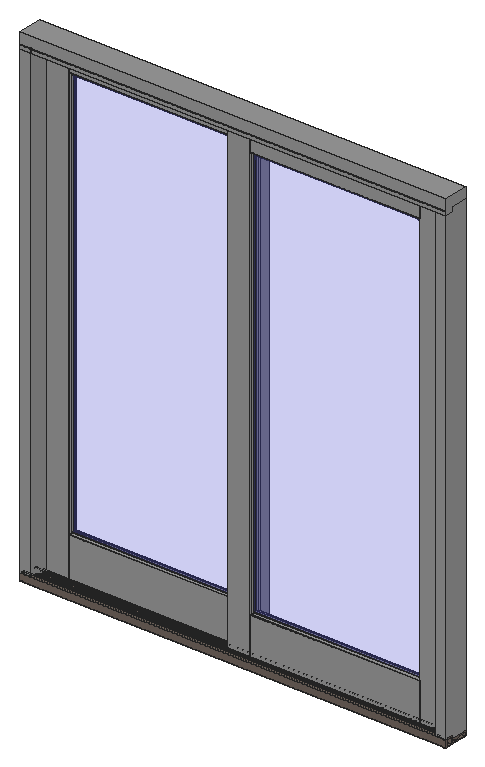
Revit family "VSDA1.8 LH", category Doors, host Wall, Revit 2015
Parameters (values of type "VSDA1.8 LH")
  Function = Interior
  Frame Projection Ext. = 25 mm
  Frame Projection Int. = 25 mm
  Frame Width = 75 mm
  Height = 2100 mm
  Wall Closure = By host
  Width = 1820 mm
Reference planes
  plane 1: y = 0
  plane 2 "Center (Left/Right)": x = 0
  plane 3 "Left": x = -910
  plane 4 "Right": x = 910
  plane 5: z = 2100
  plane 6 "Exterior": y = 75
  plane 7 "Interior": y = -75
Forms (mm)
  Extrusion 1, solid, material "Aluminium Cill (Bronze)"
    sketch origin (0, 79.18, -119.746) x (0, 1, 0) y (0, 0, -1)
      loop
        arc (-26.68, -120.746) -> (-26.972, -120.039) -> (-27.68, -119.746) r 1
        line (-27.68, -119.746) -> (-130.68, -119.746)
        arc (-130.68, -119.746) -> (-131.387, -120.039) -> (-131.68, -120.746) r 1
        line (-131.68, -120.746) -> (-131.68, -150.746)
        arc (-131.68, -150.746) -> (-131.387, -151.453) -> (-130.68, -151.746) r 1
        line (-130.68, -151.746) -> (-120.912, -151.746)
        arc (-120.912, -151.746) -> (-119.18, -150.746) -> (-117.447, -151.746) r 2
        line (-117.447, -151.746) -> (-112.912, -151.746)
        arc (-112.912, -151.746) -> (-111.18, -150.746) -> (-109.447, -151.746) r 2
        line (-109.447, -151.746) -> (-99.68, -151.746)
        arc (-99.68, -151.746) -> (-98.972, -151.453) -> (-98.68, -150.746) r 1
        line (-98.68, -150.746) -> (-98.68, -149.246)
        arc (-98.68, -149.246) -> (-99.18, -148.746) -> (-99.68, -149.246) r 0.5
        line (-99.68, -149.246) -> (-99.68, -150.246) -> (-100.88, -150.246) -> (-100.88, -142.734) -> (-99.68, -142.734) -> (-99.68, -143.746)
        arc (-99.68, -143.746) -> (-99.18, -144.246) -> (-98.68, -143.746) r 0.5
        line (-98.68, -143.746) -> (-98.68, -138.746) -> (-90.432, -138.746) -> (-82.18, -138.746) -> (-82.18, -135.246)
        arc (-82.18, -135.246) -> (-81.74, -134.185) -> (-80.68, -133.746) r 1.5
        line (-80.68, -133.746) -> (-75.93, -133.746) -> (-75.93, -135.746) -> (-77.363, -135.746)
        arc (-77.363, -135.746) -> (-74.68, -138.746) -> (-71.996, -135.746) r 2.7
        line (-71.996, -135.746) -> (-73.43, -135.746) -> (-73.43, -133.746) -> (-68.68, -133.746)
        arc (-68.68, -133.746) -> (-67.619, -134.185) -> (-67.18, -135.246) r 1.5
        line (-67.18, -135.246) -> (-67.18, -138.746) -> (-60.412, -138.746)
        arc (-60.412, -138.746) -> (-58.68, -137.746) -> (-56.947, -138.746) r 2
        line (-56.947, -138.746) -> (-52.412, -138.746)
        arc (-52.412, -138.746) -> (-50.68, -137.746) -> (-48.947, -138.746) r 2
        line (-48.947, -138.746) -> (-44.412, -138.746)
        arc (-44.412, -138.746) -> (-42.68, -137.746) -> (-40.947, -138.746) r 2
        line (-40.947, -138.746) -> (-29.68, -138.746)
        arc (-29.68, -138.746) -> (-27.558, -137.867) -> (-26.68, -135.746) r 3
        line (-26.68, -135.746) -> (-26.68, -120.746)
      loop
        arc (-29.68, -137.246) -> (-28.619, -136.807) -> (-28.18, -135.746) r 1.5
        line (-28.18, -135.746) -> (-28.18, -121.246) -> (-73.93, -121.246) -> (-73.93, -132.246) -> (-68.68, -132.246)
        arc (-68.68, -132.246) -> (-66.558, -133.125) -> (-65.68, -135.246) r 3
        line (-65.68, -135.246) -> (-65.68, -137.246) -> (-61.129, -137.246)
        arc (-61.129, -137.246) -> (-58.68, -136.246) -> (-56.23, -137.246) r 3.5
        line (-56.23, -137.246) -> (-53.129, -137.246)
        arc (-53.129, -137.246) -> (-50.68, -136.246) -> (-48.23, -137.246) r 3.5
        line (-48.23, -137.246) -> (-45.129, -137.246)
        arc (-45.129, -137.246) -> (-42.68, -136.246) -> (-40.23, -137.246) r 3.5
        line (-40.23, -137.246) -> (-29.68, -137.246)
      loop
        line (-75.43, -132.246) -> (-75.43, -121.246) -> (-98.68, -121.246) -> (-98.68, -137.246) -> (-83.68, -137.246) -> (-83.68, -135.246)
        arc (-83.68, -135.246) -> (-82.801, -133.125) -> (-80.68, -132.246) r 3
        line (-80.68, -132.246) -> (-75.43, -132.246)
      loop
        line (-100.18, -121.246) -> (-130.18, -121.246) -> (-130.18, -150.246) -> (-121.629, -150.246)
        arc (-121.629, -150.246) -> (-119.18, -149.246) -> (-116.73, -150.246) r 3.5
        line (-116.73, -150.246) -> (-113.629, -150.246)
        arc (-113.629, -150.246) -> (-111.18, -149.246) -> (-108.73, -150.246) r 3.5
        line (-108.73, -150.246) -> (-102.38, -150.246) -> (-102.38, -141.246) -> (-100.18, -141.246) -> (-100.18, -121.246)
    from -910 to 910
  Extrusion 2, solid, material "Lauan, Meranti"
    sketch origin (0, 0, 0) x (0, 1, 0) y (0, 0, -1)
      loop
        line (52.5, -2100) -> (52.5, -2057) -> (32.5, -2057) -> (32.5, -2055) -> (-20.5, -2055) -> (-20.5, -2041.5) -> (-27.5, -2041.5) -> (-27.5, -2038.5) -> (-20.5, -2038.5) -> (-20.5, -2035) -> (-52.5, -2035) -> (-52.5, -2052) -> (-49.5, -2052) -> (-49.5, -2055) -> (-52.5, -2055) -> (-52.5, -2100) -> (52.5, -2100)
    from -910 to 910
  Extrusion 3, solid, material "Lauan, Meranti"
    sketch origin (0, 0, 0) x (-1, 0, 0) y (0, -1, 0)
      loop
        line (-910, -52.5) -> (-867, -52.5) -> (-867, -32.5) -> (-865, -32.5) -> (-865, 52.5) -> (-910, 52.5) -> (-910, -52.5)
      loop
        line (910, -52.5) -> (910, 52.5) -> (865, 52.5) -> (865, -32.5) -> (867, -32.5) -> (867, -52.5) -> (910, -52.5)
    from 32 to 2057
  Extrusion 4, solid, material "Lauan, Meranti"
    sketch origin (0, 0, 0) x (-1, 0, 0) y (0, -1, 0)
      loop
        line (-845, -32.5) -> (-848.5, -32.5) -> (-848.5, -39.5) -> (-851.5, -39.5) -> (-851.5, -32.5) -> (-867, -32.5) -> (-867, -49.5) -> (-864, -49.5) -> (-864, -52.5) -> (-845, -52.5) -> (-845, -32.5)
    from 2035 to 19
  Extrusion 5, solid, material "Lauan, Meranti"
    sketch origin (0, 0, 0) x (0, 1, 0) y (0, 0, -1)
      loop
        line (52.5, -2054) -> (52.5, -2035) -> (32.5, -2035) -> (32.5, -2038.5) -> (39.5, -2038.5) -> (39.5, -2041.5) -> (32.5, -2041.5) -> (32.5, -2057) -> (49.5, -2057) -> (49.5, -2054) -> (52.5, -2054)
    from -867 to -52.5
  Extrusion 6, solid, material "Lauan, Meranti"
    sketch origin (0, 0, 0) x (-1, 0, 0) y (0, -1, 0)
      loop
        line (-910, -52.5) -> (-867, -52.5) -> (-867, -32.5) -> (-865, -32.5) -> (-865, 19.5) -> (-910, 19.5) -> (-910, -52.5)
      loop
        line (910, -52.5) -> (910, 19.5) -> (865, 19.5) -> (865, -32.5) -> (867, -32.5) -> (867, -52.5) -> (910, -52.5)
    from 19 to 32
  Extrusion 7, solid, material "Lauan, Meranti"
    sketch origin (0, 148.121, 19) x (-1, 0, 0) y (0, -1, 0)
      loop
        line (-769, 163.621) -> (-865, 163.621) -> (-865, 123.621) -> (-769, 123.621) -> (-769, 153.621) -> (-760, 153.621) -> (-760, 155.621) -> (-762, 155.621)
        arc (-762, 155.621) -> (-764.265, 160.061) -> (-769, 161.621) r 6.549
        line (-769, 161.621) -> (-769, 163.621)
      loop
        line (-43.5, 163.621) -> (-43.5, 161.621)
        arc (-43.5, 161.621) -> (-48.235, 160.061) -> (-50.5, 155.621) r 6.549
        line (-50.5, 155.621) -> (-52.5, 155.621) -> (-52.5, 153.621) -> (-43.5, 153.621) -> (-43.5, 123.621) -> (52.5, 123.621) -> (52.5, 163.621) -> (-43.5, 163.621)
      loop
        line (43.5, 117.121) -> (-52.5, 117.121) -> (-52.5, 77.121) -> (43.5, 77.121) -> (43.5, 107.121) -> (52.5, 107.121) -> (52.5, 109.121) -> (50.5, 109.121)
        arc (50.5, 109.121) -> (48.235, 113.561) -> (43.5, 115.121) r 6.549
        line (43.5, 115.121) -> (43.5, 117.121)
      loop
        line (769, 117.121) -> (769, 115.121)
        arc (769, 115.121) -> (764.265, 113.561) -> (762, 109.121) r 6.549
        line (762, 109.121) -> (760, 109.121) -> (760, 107.121) -> (769, 107.121) -> (769, 77.121) -> (865, 77.121) -> (865, 117.121) -> (769, 117.121)
    from 0 to 2036
  Extrusion 8, solid, material "Lauan, Meranti"
    sketch origin (0, 0, 0) x (0, 1, 0) y (0, 0, -1)
      loop
        line (-15.5, -190) -> (-13.5, -190)
        arc (-13.5, -190) -> (-11.866, -194.67) -> (-7.5, -197) r 6.807
        line (-7.5, -197) -> (-7.5, -199) -> (-5.5, -199) -> (-5.5, -190) -> (24.5, -190) -> (24.5, -19) -> (-15.5, -19) -> (-15.5, -190)
      loop
        arc (-7.5, -1952) -> (-11.866, -1954.33) -> (-13.5, -1959) r 6.807
        line (-13.5, -1959) -> (-15.5, -1959) -> (-15.5, -2055) -> (24.5, -2055) -> (24.5, -1959) -> (-5.5, -1959) -> (-5.5, -1950) -> (-7.5, -1950) -> (-7.5, -1952)
    from -769 to -43.5
  Extrusion 9, solid, material "Lauan, Meranti"
    sketch origin (-1020, 46.5, 0) x (0, 1, 0) y (0, 0, -1)
      loop
        line (-15.5, -190) -> (-13.5, -190)
        arc (-13.5, -190) -> (-11.866, -194.67) -> (-7.5, -197) r 6.807
        line (-7.5, -197) -> (-7.5, -199) -> (-5.5, -199) -> (-5.5, -190) -> (24.5, -190) -> (24.5, -19) -> (-15.5, -19) -> (-15.5, -190)
      loop
        arc (-7.5, -1952) -> (-11.866, -1954.33) -> (-13.5, -1959) r 6.807
        line (-13.5, -1959) -> (-15.5, -1959) -> (-15.5, -2055) -> (24.5, -2055) -> (24.5, -1959) -> (-5.5, -1959) -> (-5.5, -1950) -> (-7.5, -1950) -> (-7.5, -1952)
    from -976.5 to -251
  Sweep 10, solid, material "Lauan, Meranti"
    path origin (-255.605, -75, -781.763) x (-1, 0, 0) y (0, 0, -1)
      loop
        line (-212.105, -2740.763) -> (513.395, -2740.763) -> (513.395, -971.763) -> (-212.105, -971.763) -> (-212.105, -2740.763)
    profile origin (-406.25, -75, 1959) x (0, 0, -1) y (0, -1, 0)
      loop
        line (9, -124.5) -> (0, -124.5) -> (0, -132.5)
        arc (0, -132.5) -> (4.67, -130.866) -> (7, -126.5) r 6.807
        line (7, -126.5) -> (9, -126.5) -> (9, -124.5)
  Extrusion 11, solid, material "Glass"
    sketch origin (-528.125, -64.05, -73.649) x (-1, 0, 0) y (0, 0, -1)
      loop
        line (-484.625, -2032.649) -> (240.875, -2032.649) -> (240.875, -263.649) -> (-484.625, -263.649) -> (-484.625, -2032.649)
    from -112.5 to -106.1
  Sweep 12, solid, material "Lauan, Meranti"
    path origin (436.503, -75, -980.222) x (-1, 0, 0) y (0, 0, -1)
      loop
        line (-332.497, -2939.222) -> (393.003, -2939.222) -> (393.003, -1170.222) -> (-332.497, -1170.222) -> (-332.497, -2939.222)
    profile origin (406.25, -75, 1959) x (0, 0, -1) y (0, -1, 0)
      loop
        line (9, -78) -> (0, -78) -> (0, -86)
        arc (0, -86) -> (4.67, -84.366) -> (7, -80) r 6.807
        line (7, -80) -> (9, -80) -> (9, -78)
  Extrusion 13, solid, material "Glass"
    sketch origin (77.007, -110.55, 134.714) x (-1, 0, 0) y (0, 0, -1)
      loop
        line (-691.993, -1824.286) -> (33.507, -1824.286) -> (33.507, -55.286) -> (-691.993, -55.286) -> (-691.993, -1824.286)
    from -112.5 to -106.1
Cuts and joins
  joined: Extrusion 3, Extrusion 6
Lines and regions (mm)
  Opening 1
    outline origin (-5000, 75, 0) x (-1, 0, 0) y (0, 0, 1)
      loop
        line (-5910, 0) -> (-4090, 0) -> (-4090, 2100) -> (-5910, 2100) -> (-5910, 0)
  model lines
    curve 1: line (650, 99.5, 1050) -> (309.078, 99.5, 1050)
    curve 2: line (170, 99.5, 1050) -> (309.078, 99.5, 1106.191)
    curve 3: line (309.078, 99.5, 1106.191) -> (309.078, 99.5, 993.809)
    curve 4: line (170, 99.5, 1050) -> (309.078, 99.5, 993.809)
Text (mm)
  text "Exterior" at (-2295.016, 1099.543, 0), in view "Ref. Level"
  text "Exterior" at (0, 1615.38, 3698.081), in view "Left"
  text "Exterior" at (0, 1036.032, 3874.932), in view "Right"
Dimensions and locks
  equal spacing: plane 3 "Left", plane 2 "Center (Left/Right)", plane 4 "Right"
  "Width": plane 3 "Left" to plane 4 "Right"
  "Height": plane 5 to host wall
  host wall to plane 5 = 2100 mm  (x2)
  locked: plane 6 "Exterior" to host wall at 0
  locked: plane 7 "Interior" to host wall
  plane 3 "Left" to plane 4 "Right" = 1820 mm
  host wall to host wall = 3700 mm
  aligned and locked: plane 1 to host wall
  aligned and locked: Opening 1 sketch curve to level
  aligned and locked: Extrusion 1 to Extrusion 6
  aligned and locked: Extrusion 6 to Extrusion 1
  aligned and locked: Extrusion 1 to Extrusion 4
  aligned and locked: Extrusion 1 to Extrusion 3
  aligned and locked: Extrusion 2 to Extrusion 3
  aligned and locked: Extrusion 2 to Extrusion 7
  aligned and locked: Extrusion 7 to Extrusion 5
  aligned and locked: Extrusion 3 to Extrusion 5
  aligned and locked: Extrusion 2 to Extrusion 4
  aligned and locked: Extrusion 7 to Extrusion 8  (x2)
  aligned and locked: Extrusion 7 to Extrusion 9  (x2)
  aligned and locked: Sweep 10 sketch curve to Extrusion 9  (x2)
  aligned and locked: Extrusion 7 to Sweep 10 sketch curve  (x2)
  aligned and locked: Extrusion 7 to Extrusion 11
  aligned and locked: Extrusion 11 to Extrusion 7
  aligned and locked: Extrusion 11 to Extrusion 8
  aligned and locked: Extrusion 8 to Extrusion 11
  aligned and locked: Sweep 12 sketch curve to Extrusion 8  (x2)
  aligned and locked: Extrusion 7 to Sweep 12 sketch curve  (x2)
Automatic sketch dimensions
  plane 2 "Center (Left/Right)" to curve 2 = 170 mm
  curve 2 to curve 2 = 139.078 mm
  level to curve 4 = 993.809 mm
  curve 3 to curve 2 = 56.191 mm
  curve 3 to curve 3 = 112.382 mm
  plane 4 "Right" to curve 1 = 260 mm
  curve 1 to curve 2 = 56.191 mm
  plane 4 "Right" to Opening 1 sketch curve = 0 mm
  plane 3 "Left" to Opening 1 sketch curve = 0 mm
  Opening 1 sketch curve to plane 5 = 0 mm
  Extrusion 1 sketch curve to level = 0 mm
  level to Extrusion 1 sketch curve = 1 mm
  Extrusion 1 sketch curve to host wall = 22.5 mm
  Extrusion 1 sketch curve to Extrusion 1 sketch curve = 1 mm  (x7)
  Extrusion 1 sketch curve to Extrusion 1 sketch curve = 0.5 mm  (x8)
  Extrusion 1 sketch curve to Extrusion 1 sketch curve = 8.551 mm
  Extrusion 1 sketch curve to Extrusion 1 sketch curve = 0.717 mm  (x10)
  Extrusion 1 sketch curve to Extrusion 1 sketch curve = 1.732 mm  (x10)
  Extrusion 1 sketch curve to Extrusion 1 sketch curve = 0 mm  (x24)
  Extrusion 1 sketch curve to Extrusion 1 sketch curve = 3.101 mm  (x3)
  Extrusion 1 sketch curve to Extrusion 1 sketch curve = 6.351 mm
  Extrusion 1 sketch curve to Extrusion 1 sketch curve = 1.5 mm  (x15)
  Extrusion 1 sketch curve to Extrusion 1 sketch curve = 0.7 mm
  level to Extrusion 1 sketch curve = 1.5 mm  (x3)
  Extrusion 1 sketch curve to Extrusion 1 sketch curve = 1.2 mm  (x2)
  Extrusion 1 sketch curve to Extrusion 1 sketch curve = 8.248 mm
  host wall to Extrusion 1 sketch curve = 4.5 mm
  host wall to Extrusion 1 sketch curve = 1.5 mm  (x2)
  Extrusion 1 sketch curve to host wall = 1.817 mm
  Extrusion 1 sketch curve to Extrusion 1 sketch curve = 1.433 mm  (x3)
  Extrusion 1 sketch curve to host wall = 3.75 mm
  Extrusion 1 sketch curve to Extrusion 1 sketch curve = 1.25 mm  (x2)
  Extrusion 1 sketch curve to Extrusion 1 sketch curve = 3.317 mm
  Extrusion 1 sketch curve to Extrusion 1 sketch curve = 4.551 mm
  Extrusion 1 sketch curve to Extrusion 1 sketch curve = 10.551 mm
  Extrusion 1 sketch curve to Extrusion 1 sketch curve = 11 mm
  Extrusion 1 sketch curve to Extrusion 1 sketch curve = 14.5 mm
  Extrusion 1 sketch curve to Extrusion 1 sketch curve = 2 mm  (x5)
  Extrusion 1 sketch curve to Extrusion 1 sketch curve = 0.3 mm
  Extrusion 1 sketch curve to Extrusion 1 sketch curve = 2.5 mm
  Extrusion 1 sketch curve to Extrusion 1 sketch curve = 1.488 mm
  Extrusion 1 sketch curve to Extrusion 1 sketch curve = 1.012 mm
  Extrusion 1 sketch curve to Extrusion 1 sketch curve = 5.5 mm
  Extrusion 1 sketch curve to Extrusion 1 sketch curve = 9 mm
  plane 5 to Extrusion 2 sketch curve = 0 mm
  Extrusion 2 sketch curve to host wall = 22.5 mm
  Extrusion 2 sketch curve to Extrusion 2 sketch curve = 0 mm
  Extrusion 2 sketch curve to Extrusion 2 sketch curve = 3 mm  (x3)
  Extrusion 2 sketch curve to Extrusion 2 sketch curve = 22 mm
  Extrusion 2 sketch curve to Extrusion 2 sketch curve = 7 mm  (x2)
  Extrusion 2 sketch curve to host wall = 32.5 mm
  Extrusion 2 sketch curve to Extrusion 2 sketch curve = 20 mm
  plane 5 to Extrusion 2 sketch curve = 43 mm
  plane 5 to Extrusion 2 sketch curve = 45 mm
  Extrusion 2 sketch curve to Extrusion 2 sketch curve = 2 mm
  Extrusion 2 sketch curve to Extrusion 2 sketch curve = 13.5 mm
  Extrusion 2 sketch curve to Extrusion 2 sketch curve = 3.5 mm
  Extrusion 3 sketch curve to plane 4 "Right" = 0 mm
  Extrusion 3 sketch curve to plane 3 "Left" = 0 mm
  Extrusion 3 sketch curve to plane 4 "Right" = 43 mm
  host wall to Extrusion 3 sketch curve = 22.5 mm  (x3)
  Extrusion 3 sketch curve to plane 4 "Right" = 45 mm
  Extrusion 3 sketch curve to Extrusion 3 sketch curve = 45 mm
  Extrusion 3 sketch curve to Extrusion 3 sketch curve = 2 mm
  host wall to Extrusion 3 sketch curve = 32.5 mm  (x2)
  Extrusion 3 sketch curve to Extrusion 3 sketch curve = 20 mm
  Extrusion 4 sketch curve to plane 4 "Right" = 43 mm
  Extrusion 4 sketch curve to Extrusion 4 sketch curve = 3 mm  (x2)
  Extrusion 4 sketch curve to Extrusion 4 sketch curve = 15.5 mm
  Extrusion 4 sketch curve to Extrusion 4 sketch curve = 3.5 mm
  host wall to Extrusion 4 sketch curve = 32.5 mm
  Extrusion 4 sketch curve to Extrusion 4 sketch curve = 0 mm
  Extrusion 4 sketch curve to Extrusion 4 sketch curve = 7 mm
  Extrusion 4 sketch curve to Extrusion 4 sketch curve = 17 mm
  Extrusion 4 sketch curve to Extrusion 4 sketch curve = 13 mm
  Extrusion 5 sketch curve to host wall = 32.5 mm
  Extrusion 5 sketch curve to Extrusion 5 sketch curve = 0 mm
  Extrusion 5 sketch curve to Extrusion 5 sketch curve = 7 mm
  Extrusion 5 sketch curve to Extrusion 5 sketch curve = 17 mm
  Extrusion 5 sketch curve to Extrusion 5 sketch curve = 3 mm  (x3)
  plane 5 to Extrusion 5 sketch curve = 43 mm
  Extrusion 5 sketch curve to Extrusion 5 sketch curve = 15.5 mm
  Extrusion 5 sketch curve to Extrusion 5 sketch curve = 3.5 mm
  Extrusion 6 sketch curve to plane 4 "Right" = 0 mm
  Extrusion 6 sketch curve to plane 3 "Left" = 0 mm
  Extrusion 6 sketch curve to plane 4 "Right" = 43 mm
  Extrusion 6 sketch curve to host wall = 19.5 mm  (x2)
  Extrusion 6 sketch curve to plane 4 "Right" = 45 mm
  plane 3 "Left" to Extrusion 6 sketch curve = 45 mm
  Extrusion 6 sketch curve to Extrusion 6 sketch curve = 2 mm
  host wall to Extrusion 6 sketch curve = 32.5 mm  (x2)
  Extrusion 6 sketch curve to Extrusion 6 sketch curve = 20 mm  (x2)
  host wall to Extrusion 7 sketch curve = 15.5 mm
  plane 4 "Right" to Extrusion 7 sketch curve = 45 mm
  Extrusion 7 sketch curve to Extrusion 7 sketch curve = 96 mm
  Extrusion 7 sketch curve to Extrusion 7 sketch curve = 0 mm  (x3)
  Extrusion 7 sketch curve to Extrusion 7 sketch curve = 0.473 mm  (x5)
  Extrusion 7 sketch curve to Extrusion 7 sketch curve = 6.527 mm  (x4)
  Extrusion 7 sketch curve to Extrusion 7 sketch curve = 2 mm  (x11)
  Extrusion 7 sketch curve to host wall = 4 mm  (x2)
  plane 2 "Center (Left/Right)" to Extrusion 7 sketch curve = 52.5 mm
  host wall to Extrusion 7 sketch curve = 7.5 mm
  Extrusion 7 sketch curve to Extrusion 7 sketch curve = 9 mm  (x2)
  Extrusion 7 sketch curve to plane 2 "Center (Left/Right)" = 43.5 mm
  Extrusion 7 sketch curve to host wall = 36 mm
  Extrusion 7 sketch curve to plane 3 "Left" = 150 mm
  Extrusion 7 sketch curve to plane 3 "Left" = 45 mm
  Extrusion 7 sketch curve to Extrusion 7 sketch curve = 30 mm
  Extrusion 7 sketch curve to Extrusion 7 sketch curve = 1.468 mm  (x4)
  Extrusion 7 sketch curve to host wall = 24.5 mm
  Extrusion 7 sketch curve to Extrusion 7 sketch curve = 6.5 mm
  host wall to Extrusion 7 sketch curve = 5.5 mm
  host wall to Extrusion 8 sketch curve = 15.5 mm  (x2)
  Extrusion 8 sketch curve to Extrusion 8 sketch curve = 2 mm  (x6)
  host wall to Extrusion 8 sketch curve = 7.5 mm  (x2)
  host wall to Extrusion 8 sketch curve = 6.697 mm  (x2)
  Extrusion 8 sketch curve to host wall = 24.5 mm  (x2)
  plane 5 to Extrusion 8 sketch curve = 45 mm
  Extrusion 8 sketch curve to Extrusion 8 sketch curve = 96 mm
  Extrusion 8 sketch curve to Extrusion 8 sketch curve = 0 mm
  Extrusion 8 sketch curve to Extrusion 8 sketch curve = 0.241 mm  (x2)
  level to Extrusion 8 sketch curve = 199 mm
  Extrusion 8 sketch curve to Extrusion 8 sketch curve = 6.759 mm
  level to Extrusion 8 sketch curve = 19 mm
  Extrusion 9 sketch curve to host wall = 31 mm  (x2)
  Extrusion 9 sketch curve to Extrusion 9 sketch curve = 2 mm  (x6)
  Extrusion 9 sketch curve to Extrusion 9 sketch curve = 6 mm  (x2)
  Extrusion 9 sketch curve to Extrusion 9 sketch curve = 0.803 mm
  Extrusion 9 sketch curve to Extrusion 9 sketch curve = 6.803 mm
  Extrusion 9 sketch curve to host wall = 4 mm  (x2)
  plane 5 to Extrusion 9 sketch curve = 45 mm
  Extrusion 9 sketch curve to Extrusion 9 sketch curve = 96 mm
  Extrusion 9 sketch curve to Extrusion 9 sketch curve = 0 mm
  Extrusion 9 sketch curve to Extrusion 9 sketch curve = 0.241 mm  (x2)
  level to Extrusion 9 sketch curve = 199 mm
  Extrusion 9 sketch curve to Extrusion 9 sketch curve = 6.759 mm
  level to Extrusion 9 sketch curve = 19 mm
  Sweep 10 sketch curve to profile plane = 0 mm
  Sweep 10 sketch curve to profile plane = 0.241 mm
  Sweep 10 sketch curve to Sweep 10 sketch curve = 6.759 mm
  Sweep 10 sketch curve to Sweep 10 sketch curve = 2 mm  (x2)
  Sweep 10 sketch curve to profile plane = 132.5 mm
  Sweep 10 sketch curve to Sweep 10 sketch curve = 6 mm
  Extrusion 11 sketch curve to plane 2 "Center (Left/Right)" = 43.5 mm
  Extrusion 11 sketch curve to plane 3 "Left" = 141 mm
  plane 5 to Extrusion 11 sketch curve = 141 mm
  level to Extrusion 11 sketch curve = 190 mm
  Sweep 12 sketch curve to profile plane = 0 mm
  Sweep 12 sketch curve to profile plane = 0.241 mm
  Sweep 12 sketch curve to Sweep 12 sketch curve = 6.759 mm
  Sweep 12 sketch curve to Sweep 12 sketch curve = 2 mm  (x2)
  Sweep 12 sketch curve to profile plane = 86 mm
  Sweep 12 sketch curve to Sweep 12 sketch curve = 6 mm
  plane 4 "Right" to Extrusion 13 sketch curve = 141 mm
  plane 2 "Center (Left/Right)" to Extrusion 13 sketch curve = 43.5 mm
  plane 5 to Extrusion 13 sketch curve = 141 mm
  level to Extrusion 13 sketch curve = 190 mm
